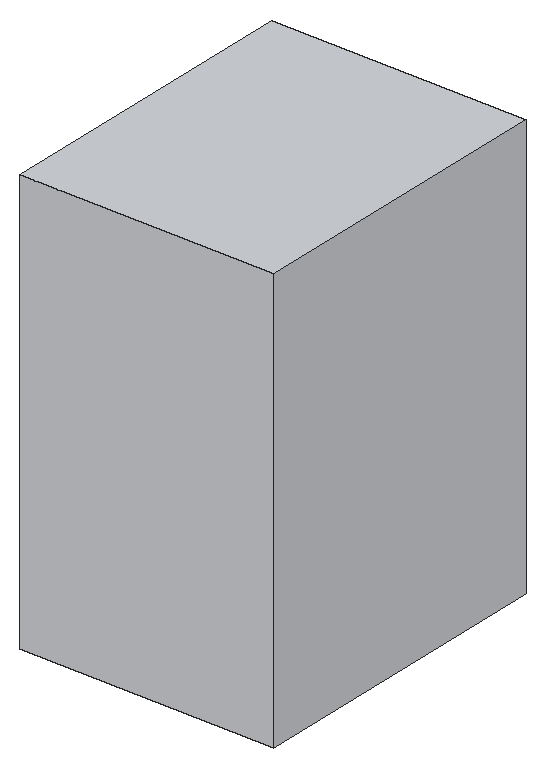
Revit family
Parameters
  Warranty Duration (Years) = 0
  Unit Width [instance] = 0' - 0"
  Unit Height [instance] = 0' - 0"
  Unit Depth = 0' - 0"
  URL = "http://www.americanspecialties.com/viewCategories.cfm"
  Trim Material = Metal - Stainless Steel
  Test Data = ""
  Specification = "http://www.arcat.com/sdspecs/htm/10810asi.htm"
  SpecWizard = ""
  Send Message = "http://www.arcat.com/users.pl?action=UserEmail&company=American%20Specialties,%20Inc.&coid=30448&rep=139&fax=914-476-0688&mf="
  Sales Information = "http://www.americanspecialties.com/contact"
  Revision = "R1_10-2010"
  Product Properties = "http://www.americanspecialties.com/datasheets/200311.pdf"
  Product Data = "http://www.arcat.com/arcatcos/cos30/arc30448.html"
  Paper Roll = Paper
  Model = "As Specified in 10 28 13"
  Manufacturer Website = "http://www.americanspecialties.com/viewCategories.cfm"
  Manufacturer Phone - Toll Free = ""
  Manufacturer Phone = "914-476-9000 "
  Manufacturer Fax = "914-476-0688"
  Manufacturer Address = "441 Saw Mill River Rd., Yonkers, NY 10701"
  Manufacturer = "American Specialties, Inc."
  Maintenance Schedule (Months) = 0
  Keynote = "10 28 13"
  Installation-Fabrication = "http://www.americanspecialties.com/products.cfm"
  Green Building-LEED = ""
  Expected Lifespan (Years) = 0
  Drawn By = "Robert S. Weygant. CSI, CDT, SCIP"  # constant formula
  Description = "Toilet Accessory as Specified in 10 28 13"
  Default Elevation = 4' - 0"
  Copyright = "©Arcat Inc."
  Construction Details = "http://www.arcat.com/green/clients/leed_data_30448.html"
  Building Codes = "http://www.americanspecialties.com/products.cfm"
  Body Material = Metal - Stainless Steel
  Assembly Code = "C1030210"
Reference planes (in)
  plane 1 "Center (Front/Back)": y = -0.29112
  plane 2 "Floor Line": z = 0
  plane 3 "Center (Left/Right)": x = -0.65843
Forms (in)
  Extrusion 1, solid
    sketch origin (-3, -9, -6) x (0, 0, -1) y (1, 0, 0)
      loop
        line (-82, 26) -> (-82, -19.34712) -> (-6, -19.34712) -> (-6, 26) -> (-82, 26)
    from 15.29112 to -41.06337
  Extrusion 2, solid, material "Metal - Stainless Steel" <- "Body Material"
    sketch origin (-10.05294, 1.25001, -3.375) x (1, 0, 0) y (0, 1, 0)
      loop
        line (6.36326, 4.52137) -> (6.36326, -7.60363) -> (12.42576, -7.60363) -> (12.42576, 4.52137) -> (6.36326, 4.52137)
      loop
        arc (7.76951, -4.85363) -> (7.64451, -4.97863) -> (7.76951, -5.10363) r 0.125
        line (7.76951, -5.10363) -> (8.26951, -5.10363)
        arc (8.26951, -5.10363) -> (8.39451, -4.97863) -> (8.26951, -4.85363) r 0.125
        line (8.26951, -4.85363) -> (7.76951, -4.85363)
      loop
        arc (10.51951, -4.85363) -> (10.39451, -4.97863) -> (10.51951, -5.10363) r 0.125
        line (10.51951, -5.10363) -> (11.01951, -5.10363)
        arc (11.01951, -5.10363) -> (11.14451, -4.97863) -> (11.01951, -4.85363) r 0.125
        line (11.01951, -4.85363) -> (10.51951, -4.85363)
      loop
        arc (7.95701, 1.78312) -> (8.01951, 1.54987) -> (8.08201, 1.78312) r 0.125
        line (8.08201, 1.78312) -> (8.08201, 2.02137)
        arc (8.08201, 2.02137) -> (8.01951, 2.08387) -> (7.95701, 2.02137) r 0.0625
        line (7.95701, 2.02137) -> (7.95701, 1.78312)
      loop
        line (10.83201, 1.78312) -> (10.83201, 2.02137)
        arc (10.83201, 2.02137) -> (10.76951, 2.08387) -> (10.70701, 2.02137) r 0.0625
        line (10.70701, 2.02137) -> (10.70701, 1.78312)
        arc (10.70701, 1.78312) -> (10.76951, 1.54987) -> (10.83201, 1.78312) r 0.125
    from 0 to 3.375
  Extrusion 3, void
    sketch origin (0, 1.75159, -1.44791) x (1, 0, 0) y (0, 0, 1)
      loop
        line (1.59157, 4.47916) -> (-2.90843, 4.47916)
        arc (-2.90843, 4.47916) -> (-3.37247, 4.28695) -> (-3.56468, 3.82291) r 0.65625
        line (-3.56468, 3.82291) -> (-3.56468, -1.83334) -> (2.24782, -1.83334) -> (2.24782, 3.82291)
        arc (2.24782, 3.82291) -> (2.05561, 4.28695) -> (1.59157, 4.47916) r 0.65625
    from -3.95729 to 2.04271
  Extrusion 4, void
    sketch origin (0, 0.12501, -3.375) x (1, 0, 0) y (0, 1, 0)
      loop
        line (-3.56468, 5.58387) -> (-3.56468, -6.25988) -> (2.24782, -6.25988) -> (2.24782, 5.58387) -> (-3.56468, 5.58387)
    from 0.09375 to 3.375
  Extrusion 5, solid, material "Metal - Stainless Steel" <- "Body Material"
    sketch origin (2.27907, 0.12501, -3.625) x (0, 1, 0) y (0, 0, 1)
      loop
        line (-6.47863, 3.75) -> (-0.41613, 3.75) -> (-0.41613, 4.25) -> (-6.47863, 4.25) -> (-6.47863, 3.75)
    from -0.03125 to 0.09375
  Extrusion 6, solid, material "Metal - Stainless Steel" <- "Body Material"
    sketch origin (-3.59593, 0.12501, -3.625) x (0, 1, 0) y (0, 0, -1)
      loop
        line (-6.47863, -3.75) -> (-6.47863, -4.25) -> (-0.41613, -4.25) -> (-0.41613, -3.75) -> (-6.47863, -3.75)
    from -0.03125 to 0.09375
  Extrusion 7, solid, material "Paper" <- "Paper Roll"
    sketch origin (-0.65843, 0.08101, -3.375) x (0, 1, 0) y (0, 0, 1)
      loop
        circle (-3.34087, 2.99963) r 0.25
      loop
        circle (-3.34087, 2.99963) r 2.75
    from -2.8125 to 2.8125
  Extrusion 8, solid, material "Paper" <- "Paper Roll"
    sketch origin (-0.65843, -0.66324, -3.375) x (0, -1, 0) y (0, 0, -1)
      loop
        circle (-3.34087, -2.99963) r 0.25
      loop
        circle (-3.34087, -2.99963) r 2.75
    from -2.8125 to 2.8125
  Extrusion 9, solid, material "Metal - Stainless Steel" <- "Body Material"
    sketch origin (0, 1.75159, -1.44791) x (1, 0, 0) y (0, 0, 1)
      loop
        line (-3.68968, 1.57291) -> (2.37282, 1.57291) -> (2.37282, 3.82291)
        arc (2.37282, 3.82291) -> (2.15315, 4.35324) -> (1.62282, 4.57291) r 0.75
        line (1.62282, 4.57291) -> (-2.93968, 4.57291)
        arc (-2.93968, 4.57291) -> (-3.47001, 4.35324) -> (-3.68968, 3.82291) r 0.75
        line (-3.68968, 3.82291) -> (-3.68968, 1.57291)
    from -4.01979 to 2.04271
  Extrusion 10, solid, material "Metal - Stainless Steel" <- "Trim Material"
    sketch origin (0, 0.87501, -3.125) x (1, 0, 0) y (0, 1, 0)
      loop
        circle (-0.65843, 3.05401) r 0.5
      loop
        line (-0.72066, 3.45436) -> (-0.72066, 2.63922) -> (-0.59621, 2.63922) -> (-0.59621, 3.45436) -> (-0.72066, 3.45436)
    from 6.37061 to 6.25
  Extrusion 11, solid, material "Metal - Stainless Steel" <- "Body Material"
    sketch origin (0, 0, 0) x (1, 0, 0) y (0, 1, 0)
      loop
        line (-3.68968, 5.77138) -> (-3.68968, -6.35362) -> (2.37282, -6.35362) -> (2.37282, 5.77138) -> (-3.68968, 5.77138)
      loop
        line (-4.68968, 6.77138) -> (-4.68968, -7.35362) -> (3.37282, -7.35362) -> (3.37282, 6.77138) -> (-4.68968, 6.77138)
    from 0 to 0.125
  Extrusion 12, void
    sketch origin (0, 0, 0) x (1, 0, 0) y (0, 1, 0)
      loop
        line (-3.68968, 5.77138) -> (-3.68968, -6.35362) -> (2.37282, -6.35362) -> (2.37282, 5.77138) -> (-3.68968, 5.77138)
    from 0 to -3.375
Cuts and joins
  Extrusion 3 cuts Extrusion 2
  Extrusion 3 cuts Extrusion 5
  Extrusion 3 cuts Extrusion 6
  Extrusion 3 cuts Extrusion 9
  Extrusion 4 cuts Extrusion 7
  Extrusion 4 cuts Extrusion 8
Dimensions and locks (in)
  aligned and locked: Extrusion 1 to level
  aligned and locked: Extrusion 2 to Extrusion 4
